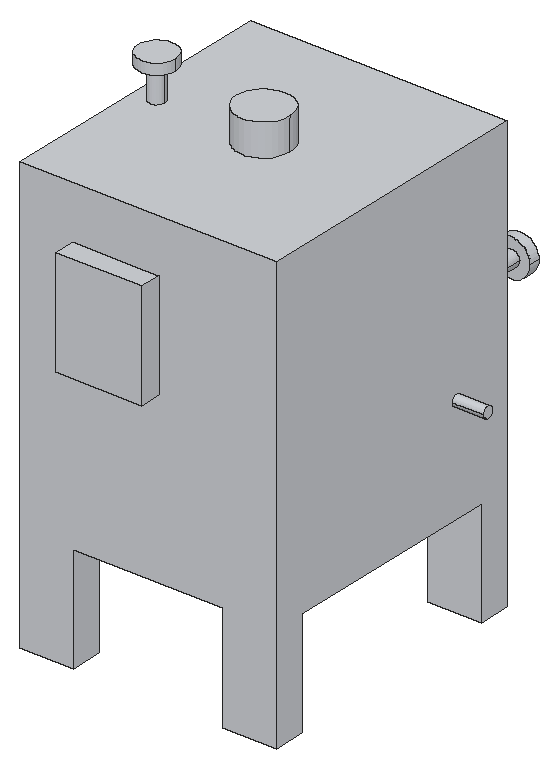
Revit family "9602cf199e164e63869811ea977eecce", category Mechanical Equipment, Revit 2021
Family settings
  Round Connector Dimension = Use Radius
  Part Type = Normal
  OmniClass Number = 23.75.10.11.14.34
  OmniClass Title = Steel Water-Tube Boilers
  Seek Item ID = Watertube Boiler - 150-2500 MBH-0000-USA-ENU
  Work Plane-Based = No
  Always vertical = Yes
  Cut with Voids When Loaded = No
  Shared = No
  Room Calculation Point = No
Parameters (values of type "150 MBH")
  Water Volume [instance] = 13.00 CF
  Water Pressure Drop [instance] = 0.26 psi
  Water Flow [instance] = 30 GPM
  Voltage = 120 V
  Vent Radius = 2 1/2"
  Vent Diameter = Vent Radius * 2  # 5"
  Pipe Length 2 = Pipe Length 1  # 0' - 2"
  Pipe Length 1 = 0' - 2"
  Pipe Height 1 = 2' - 3 1/4"
  Output Heat [instance] = 124500 Btu/h
  Number of Poles = 1
  Input Heat [instance] = 150000.0 Btu/h
  Hot Water Radius = Cold Water Radius  # 3/4"
  Hot Water Diameter = Hot Water Radius * 2  # 1 1/2"
  Heating Surface = 21.00 SF
  Gas Radius = 3/8"
  Gas Flow [instance] = 0 GPM
  Gas Diameter = Gas Radius * 2  # 3/4"
  Flange Hot Water Radius = Hot Water Radius + 0' 1"  # 0' - 1 3/4"
  Flange Cold Water Radius = Cold Water Radius + 0' 1"  # 0' - 1 3/4"
  Exhaust Air Flow [instance] = 0 CFM
  Default Elevation = 0' - 0"
  Cold Water Radius = 3/4"
  Cold Water Diameter = Cold Water Radius * 2  # 1 1/2"
  Boiler Width = 2' - 3"
  Boiler Material = none
  Boiler Length = 2' - 0"
  Boiler Height = 3' - 4 3/4"
  BHP [instance] = 3.7
  Apparent Load = 120 VA
Types (9): name | Water Volume | Water Pressure Drop | Water Flow | Vent Radius | Vent Diameter | Pipe Length 2 | Pipe Length 1 | Pipe Height 1 | Output Heat | Input Heat | Hot Water Radius | Hot Water Diameter | Heating Surface | Gas Radius | Gas Diameter | Flange Hot Water Radius | Flange Cold Water Radius | Cold Water Radius | Cold Water Diameter | Boiler Width | Boiler Length | Boiler Height | BHP
  (no name) | 13.00 CF | 0.26 psi | 30 GPM | 2 1/2" | 5" | 0' - 2" | 0' - 2" | 2' - 3 1/4" | 124500 Btu/h | 150000.0 Btu/h | 3/4" | 1 1/2" | 21.00 SF | 3/8" | 3/4" | 0' - 1 3/4" | 0' - 1 3/4" | 3/4" | 1 1/2" | 2' - 3" | 2' - 0" | 3' - 4 3/4" | 3.7
  150 MBH | 13.00 CF | 0.26 psi | 30 GPM | 2 1/2" | 5" | 0' - 2" | 0' - 2" | 2' - 3 1/4" | 124500 Btu/h | 150000.0 Btu/h | 3/4" | 1 1/2" | 21.00 SF | 3/8" | 3/4" | 0' - 1 3/4" | 0' - 1 3/4" | 3/4" | 1 1/2" | 2' - 3" | 2' - 0" | 3' - 4 3/4" | 3.7
  250 MBH | 16.00 CF | 0.40 psi | 40 GPM | 3 1/2" | 7" | 0' - 2" | 0' - 2" | 2' - 3 1/4" | 207500 Btu/h | 250000.0 Btu/h | 3/4" | 1 1/2" | 33.00 SF | 3/8" | 3/4" | 0' - 1 3/4" | 0' - 1 3/4" | 3/4" | 1 1/2" | 2' - 3" | 2' - 10" | 3' - 4 3/4" | 6.2
  350 MBH | 19.00 CF | 0.69 psi | 50 GPM | 4" | 8" | 0' - 2" | 0' - 2" | 2' - 3 1/4" | 290500 Btu/h | 350000.0 Btu/h | 3/4" | 1 1/2" | 46.00 SF | 3/8" | 3/4" | 0' - 1 3/4" | 0' - 1 3/4" | 3/4" | 1 1/2" | 2' - 3" | 3' - 8" | 3' - 4 3/4" | 8.7
  630 MBH | 40.00 CF | 1.04 psi | 60 GPM | 5" | 10" | 0' - 3" | 0' - 3" | 2' - 5" | 522900 Btu/h | 630000.0 Btu/h | 3/4" | 1 1/2" | 83.00 SF | 1/2" | 1" | 0' - 1 3/4" | 0' - 1 3/4" | 3/4" | 1 1/2" | 2' - 8" | 3' - 10 1/4" | 3' - 8 1/2" | 15.6
  840 MBH | 47.00 CF | 1.39 psi | 70 GPM | 6" | 12" | 0' - 3" | 0' - 3" | 2' - 5" | 697200 Btu/h | 840000.0 Btu/h | 3/4" | 1 1/2" | 111.00 SF | 1/2" | 1" | 0' - 1 3/4" | 0' - 1 3/4" | 3/4" | 1 1/2" | 2' - 8" | 4' - 10 1/4" | 3' - 8 1/2" | 20.8
  1050 MBH | 66.00 CF | 0.26 psi | 100 GPM | 7" | 14" | 0' - 3 1/4" | 0' - 3 1/4" | 2' - 6 1/4" | 871500 Btu/h | 1050000.0 Btu/h | 1 1/2" | 3" | 135.00 SF | 1/2" | 1" | 0' - 2 1/2" | 0' - 2 1/2" | 1 1/2" | 3" | 2' - 11 1/2" | 4' - 3 3/4" | 4' - 2 3/4" | 26
  1500 MBH | 81.00 CF | 0.65 psi | 150 GPM | 8" | 16" | 0' - 3 1/4" | 0' - 3 1/4" | 2' - 6 1/4" | 1245500 Btu/h | 1500000.0 Btu/h | 1 1/2" | 3" | 192.00 SF | 1/2" | 1" | 0' - 2 1/2" | 0' - 2 1/2" | 1 1/2" | 3" | 2' - 11 1/2" | 5' - 8 3/4" | 4' - 2 3/4" | 37.2
  2500 MBH | 135.00 CF | 1.08 psi | 200 GPM | 10" | 20" | 0' - 3 1/2" | 0' - 3 1/2" | 2' - 8 1/2" | 2075500 Btu/h | 2500000.0 Btu/h | 1 1/2" | 3" | 327.00 SF | 3/4" | 1 1/2" | 0' - 2 1/2" | 0' - 2 1/2" | 1 1/2" | 3" | 3' - 8 1/2" | 5' - 10 3/4" | 4' - 10 1/2" | 62
Reference planes (in)
  plane 1 "Center (Front/Back)": y = 0
  plane 2: z = 0
  plane 3 "Center (Left/Right)": x = 0
  plane 4: x = 24
  plane 5: y = 27
  plane 6: x = 2
  plane 7: x = 12
  plane 8: y = 13.5
  plane 9: x = 22
  plane 10: y = 30
  plane 11: y = 31
  plane 12: y = 21
  plane 13: x = 27
  plane 14: y = -2
  plane 15: x = 5
  plane 16: x = 13
  plane 17: z = 40.75
  plane 18: z = 10
  plane 19: x = 19
  plane 20: x = 5
  plane 21: z = 7
  plane 22: z = 20
  plane 23: z = 27.25
  plane 24: z = 43.75
  plane 25: z = 44.75
  plane 26: y = 8
  plane 27: x = 14
  plane 28: z = 35.75
  plane 29: z = 25.75
  plane 30: y = 24
  plane 31: y = 3
Forms (in)
  Extrusion 1, solid, material <- "Boiler Material"
    sketch origin (0, 0, 0) x (1, 0, 0) y (0, 1, 0)
      loop
        line (0, 27) -> (0, 0) -> (24, 0) -> (24, 27) -> (0, 27)
    from 10 to 40.75
  Extrusion 2, solid, material <- "Boiler Material"
    sketch origin (0, 0, 0) x (1, 0, 0) y (0, 1, 0)
      loop
        circle (2, 13.5) r 0.75
    from 40.75 to 43.75
  Extrusion 3, solid, material <- "Boiler Material"
    sketch origin (0, 0, 0) x (1, 0, 0) y (0, 1, 0)
      loop
        circle (12, 13.5) r 2.5
    from 40.75 to 43.75
  Extrusion 4, solid, material <- "Boiler Material"
    sketch origin (0, 0, 0) x (1, 0, 0) y (0, 1, 0)
      loop
        line (5, 0) -> (5, -2) -> (13, -2) -> (13, 0) -> (5, 0)
    from 25.75 to 35.75
  Extrusion 5, solid, material <- "Boiler Material"
    sketch origin (0, 0, 0) x (1, 0, 0) y (0, 1, 0)
      loop
        circle (2, 13.5) r 1.75
    from 43.75 to 44.75
  Extrusion 6, solid, material <- "Boiler Material"
    sketch origin (0, 0, 0) x (1, 0, 0) y (0, 0, 1)
      loop
        circle (22, 27.25) r 0.75
    from -30 to -27
  Extrusion 7, solid, material <- "Boiler Material"
    sketch origin (0, 0, 0) x (1, 0, 0) y (0, 0, 1)
      loop
        circle (22, 27.25) r 1.75
    from -31 to -30
  Extrusion 8, solid, material <- "Boiler Material"
    sketch origin (0, 0, 0) x (0, 1, 0) y (0, 0, 1)
      loop
        circle (21, 20) r 0.5
    from 24 to 27
  Extrusion 9, solid, material <- "Boiler Material"
    sketch origin (0, 0, 0) x (1, 0, 0) y (0, 1, 0)
      loop
        circle (14, 8) r 0.375
    from 7 to 10
  Extrusion 10, solid, material <- "Boiler Material"
    sketch origin (0, 0, 0) x (1, 0, 0) y (0, 0, 1)
      loop
        line (24, 10) -> (19, 10) -> (19, 0) -> (24, 0) -> (24, 10)
    from 0 to -3
  Extrusion 11, solid, material <- "Boiler Material"
    sketch origin (24, 0, 0) x (-1, 0, 0) y (0, 0, -1)
      loop
        line (24, -10) -> (24, 0) -> (19, 0) -> (19, -10) -> (24, -10)
    from 0 to -3
  Extrusion 12, solid, material <- "Boiler Material"
    sketch origin (0, 27, 0) x (1, 0, 0) y (0, 0, -1)
      loop
        line (24, -10) -> (24, 0) -> (19, 0) -> (19, -10) -> (24, -10)
    from 0 to -3
  Extrusion 13, solid, material <- "Boiler Material"
    sketch origin (24, 27, 0) x (-1, 0, 0) y (0, 0, 1)
      loop
        line (24, 10) -> (19, 10) -> (19, 0) -> (24, 0) -> (24, 10)
    from 0 to -3
  Extrusion 14, solid, material <- "Boiler Material", detail levels fine
    sketch origin (0, 0, 0) x (1, 0, 0) y (0, 0, 1)
      loop
        circle (22, 27.25) r 1.75
    from -31 to -30
  Extrusion 15, solid, material <- "Boiler Material", detail levels fine
    sketch origin (0, 0, 0) x (1, 0, 0) y (0, 0, 1)
      loop
        circle (22, 27.25) r 0.75
    from -30 to -27
  Extrusion 16, solid, material <- "Boiler Material", detail levels fine
    sketch origin (0, 0, 0) x (0, 1, 0) y (0, 0, 1)
      loop
        circle (21, 20) r 0.5
    from 24 to 27
Cuts and joins
  joined: Extrusion 1, Extrusion 2, Extrusion 3, Extrusion 4, Extrusion 5, Extrusion 10, Extrusion 11, Extrusion 12, Extrusion 13
Lines and regions (in)
  symbolic lines, detail levels coarse+medium
    curve 1: line (22, 27, 0) -> (22, 31, 0)
    curve 2: line (24, 21, 0) -> (27, 21, 0)
  symbolic lines, detail levels fine
    curve 3: line (20.25, 30, 0) -> (20.25, 31, 0)
    curve 4: line (23.75, 30, 0) -> (20.25, 30, 0)
    curve 5: line (23.75, 31, 0) -> (23.75, 30, 0)
    curve 6: line (22.75, 30, 0) -> (22.75, 27, 0)
    curve 7: line (21.25, 30, 0) -> (21.25, 27, 0)
    curve 8: line (27, 20.5, 0) -> (27, 21.5, 0)
    curve 9: line (24, 21.5, 0) -> (27, 21.5, 0)
    curve 10: line (24, 20.5, 0) -> (27, 20.5, 0)
    curve 11: line (0, 27, 0) -> (0, 0, 0)
    curve 12: line (24, 0, 0) -> (24, 27, 0)
    curve 13: line (0, 0, 0) -> (24, 0, 0)
    curve 14: line (13, -2, 0) -> (13, 0, 0)
    curve 15: line (5, -2, 0) -> (13, -2, 0)
    curve 16: line (5, 0, 0) -> (5, -2, 0)
    curve 17: circle (2, 13.5, 0) r 1.75 normal (0, 0, 1)
    curve 18: circle (12, 13.5, 0) r 2.5 normal (0, 0, 1)
Dimensions and locks (in)
  equal spacing: plane 3 "Center (Left/Right)", plane 7, plane 4
  "Boiler Length": plane 3 "Center (Left/Right)" to plane 4
  equal spacing: plane 1 "Center (Front/Back)", plane 8, plane 5
  "Boiler Width": plane 1 "Center (Front/Back)" to plane 5
  "Pipe Length 2": plane 3 "Center (Left/Right)" to plane 6
  "Pipe Length 1": plane 9 to plane 4
  locked: plane 5 to plane 10 at 3
  locked: plane 10 to plane 11 at 1
  locked: plane 12 to plane 5 at 6
  locked: plane 4 to plane 13 at 3
  locked: plane 14 to plane 1 "Center (Front/Back)" at 2
  locked: plane 3 "Center (Left/Right)" to plane 15 at 5
  locked: plane 15 to plane 16 at 8
  "Boiler Height": plane 2 to plane 17
  locked: plane 2 to plane 18 at 10
  locked: plane 4 to plane 19 at 5
  locked: plane 20 to plane 3 "Center (Left/Right)" at 5
  locked: plane 21 to plane 18 at 3
  locked: plane 2 to plane 22 at 20
  "Pipe Height 1": plane 2 to plane 23
  locked: plane 17 to plane 24 at 3
  locked: plane 24 to plane 25 at 1
  locked: plane 1 "Center (Front/Back)" to plane 26 at 8
  locked: plane 17 to plane 28 at 5
  locked: plane 28 to plane 29 at 10
  locked: plane 27 to plane 4 at 10
  equal spacing: curve 3, plane 9, curve 5
  "Flange Cold Water Radius": plane 9 to curve 5
  equal spacing: curve 7, plane 9, curve 6
  "Cold Water Radius": plane 9 to curve 6
  locked: curve 10 to curve 9 at 1
  locked: plane 30 to plane 5 at 3
  locked: plane 1 "Center (Front/Back)" to plane 31 at 3
  "Hot Water Radius": radius of Extrusion 2 sketch curve
  "Vent Radius": radius of Extrusion 3 sketch curve
  "Flange Hot Water Radius": radius of Extrusion 5 sketch curve
  "Cold Water Radius": radius of Extrusion 6 sketch curve
  "Flange Cold Water Radius": radius of Extrusion 7 sketch curve
  "Gas Radius": radius of Extrusion 9 sketch curve
  "Flange Hot Water Radius": radius of curve 17
  "Vent Radius": radius of curve 18
  "Flange Cold Water Radius": radius of Extrusion 14 sketch curve
  "Cold Water Radius": radius of Extrusion 15 sketch curve
  radius of Extrusion 16 sketch curve = 0' - 0 1/2"
  aligned and locked: Extrusion 1 to plane 5
  aligned and locked: plane 4 to Extrusion 1  (x3)
  aligned and locked: plane 1 "Center (Front/Back)" to Extrusion 1
  aligned and locked: Extrusion 1 to plane 3 "Center (Left/Right)"  (x2)
  aligned and locked: plane 8 to Extrusion 2 sketch curve
  aligned and locked: plane 6 to Extrusion 2 sketch curve
  aligned and locked: plane 7 to Extrusion 3 sketch curve
  aligned and locked: plane 8 to Extrusion 3 sketch curve
  aligned and locked: Extrusion 4 to plane 1 "Center (Front/Back)"
  aligned and locked: plane 16 to Extrusion 4
  aligned and locked: plane 14 to Extrusion 4
  aligned and locked: Extrusion 4 to plane 15
  aligned and locked: plane 17 to Extrusion 1
  aligned and locked: Extrusion 1 to plane 18
  aligned and locked: plane 24 to Extrusion 3
  aligned and locked: Extrusion 3 to plane 17
  aligned and locked: plane 24 to Extrusion 2
  aligned and locked: Extrusion 2 to plane 17
  aligned and locked: plane 6 to Extrusion 5 sketch curve
  aligned and locked: plane 8 to Extrusion 5 sketch curve
  aligned and locked: plane 25 to Extrusion 5
  aligned and locked: Extrusion 5 to plane 24
  aligned and locked: plane 9 to Extrusion 6 sketch curve
  aligned and locked: plane 23 to Extrusion 6 sketch curve
  aligned and locked: plane 9 to Extrusion 7 sketch curve
  aligned and locked: plane 23 to Extrusion 7 sketch curve
  aligned and locked: Extrusion 6 to plane 10
  aligned and locked: plane 5 to Extrusion 6
  aligned and locked: plane 10 to Extrusion 7
  aligned and locked: Extrusion 7 to plane 11
  aligned and locked: plane 13 to Extrusion 8
  aligned and locked: Extrusion 8 to plane 4
  aligned and locked: plane 26 to Extrusion 9 sketch curve
  aligned and locked: plane 27 to Extrusion 9 sketch curve
  aligned and locked: plane 18 to Extrusion 9
  aligned and locked: Extrusion 9 to plane 21
  aligned and locked: plane 28 to Extrusion 4
  aligned and locked: Extrusion 4 to plane 29
  aligned and locked: Extrusion 4 to plane 20
  aligned and locked: Extrusion 10 to plane 19  (x2)
  aligned and locked: plane 4 to Extrusion 10  (x2)
  aligned and locked: Extrusion 10 to plane 2  (x2)
  aligned and locked: plane 18 to Extrusion 10  (x2)
  aligned and locked: Extrusion 10 to plane 1 "Center (Front/Back)"
  aligned and locked: plane 19 to Extrusion 10
  aligned and locked: plane 20 to Extrusion 11
  aligned and locked: plane 1 "Center (Front/Back)" to Extrusion 11
  aligned and locked: Extrusion 11 to plane 3 "Center (Left/Right)"  (x2)
  aligned and locked: plane 18 to Extrusion 11
  aligned and locked: plane 20 to Extrusion 13
  aligned and locked: Extrusion 12 to plane 19  (x2)
  aligned and locked: Extrusion 13 to plane 5
  aligned and locked: Extrusion 12 to plane 5
  aligned and locked: plane 19 to Extrusion 12
  aligned and locked: Extrusion 13 to plane 3 "Center (Left/Right)"  (x2)
  aligned and locked: Extrusion 13 to plane 2
  aligned and locked: plane 18 to Extrusion 13
  aligned and locked: plane 18 to Extrusion 12
  aligned and locked: plane 4 to Extrusion 12
  aligned and locked: Extrusion 12 to plane 2
  aligned and locked: plane 9 to curve 1
  aligned and locked: plane 12 to curve 2
  aligned and locked: curve 4 to plane 10
  aligned and locked: Extrusion 8 to curve 8
  aligned and locked: plane 12 to Extrusion 8 sketch curve
  aligned and locked: plane 22 to Extrusion 8 sketch curve
  aligned and locked: curve 11 to Extrusion 1
  aligned and locked: curve 12 to Extrusion 1
  aligned and locked: curve 13 to Extrusion 1
  aligned and locked: curve 15 to Extrusion 4
  aligned and locked: curve 16 to Extrusion 4
  aligned and locked: plane 8 to curve 17
  aligned and locked: plane 6 to curve 17
  aligned and locked: plane 7 to curve 18
  aligned and locked: plane 8 to curve 18
  aligned and locked: plane 30 to Extrusion 12
  aligned and locked: plane 30 to Extrusion 13
  aligned and locked: Extrusion 10 to plane 31
  aligned and locked: Extrusion 11 to plane 31
  aligned and locked: plane 9 to Extrusion 14 sketch curve
  aligned and locked: plane 23 to Extrusion 14 sketch curve
  aligned and locked: plane 9 to Extrusion 15 sketch curve
  aligned and locked: plane 23 to Extrusion 15 sketch curve
  aligned and locked: Extrusion 14 to plane 11
  aligned and locked: plane 10 to Extrusion 14
  aligned and locked: plane 5 to Extrusion 15
  aligned and locked: Extrusion 15 to plane 10
  aligned and locked: plane 12 to Extrusion 16 sketch curve
  aligned and locked: plane 22 to Extrusion 16 sketch curve
  aligned and locked: plane 13 to Extrusion 16
  aligned and locked: Extrusion 16 to plane 4
Automatic sketch dimensions
  Extrusion 1 sketch curve to plane 1 "Center (Front/Back)" = 0' - 0"
  Extrusion 1 sketch curve to plane 3 "Center (Left/Right)" = 0' - 0"
  Extrusion 1 sketch curve to plane 4 = 0' - 0"
  Extrusion 1 sketch curve to plane 5 = 0' - 0"
  Extrusion 4 sketch curve to plane 14 = 0' - 0"
  Extrusion 4 sketch curve to plane 15 = 0' - 0"
  Extrusion 4 sketch curve to plane 16 = 0' - 0"
  Extrusion 4 sketch curve to plane 1 "Center (Front/Back)" = 0' - 0"
  Extrusion 10 sketch curve to plane 18 = 0' - 0"
  Extrusion 10 sketch curve to plane 19 = 0' - 0"
  Extrusion 10 sketch curve to level = 0' - 0"
  Extrusion 10 sketch curve to plane 4 = 0' - 0"
  Extrusion 11 sketch curve to plane 15 = 0' - 0"
  Extrusion 11 sketch curve to level = 0' - 0"
  Extrusion 11 sketch curve to plane 3 "Center (Left/Right)" = 0' - 0"
  Extrusion 11 sketch curve to plane 18 = 0' - 0"
  Extrusion 12 sketch curve to plane 18 = 0' - 0"
  Extrusion 12 sketch curve to plane 19 = 0' - 0"
  Extrusion 12 sketch curve to level = 0' - 0"
  Extrusion 12 sketch curve to plane 4 = 0' - 0"
  Extrusion 13 sketch curve to plane 15 = 0' - 0"
  Extrusion 13 sketch curve to level = 0' - 0"
  Extrusion 13 sketch curve to plane 3 "Center (Left/Right)" = 0' - 0"
  Extrusion 13 sketch curve to plane 18 = 0' - 0"
  Extrusion 8 sketch curve to plane 12 = 0' - 0"
  curve 14 to plane 16 = 0' - 0"
  plane 12 to curve 10 = 0' - 0 1/2"
  curve 7 to plane 5 = 0' - 0"
  curve 1 to plane 5 = 0' - 0"
  curve 11 to plane 5 = 0' - 0"
  curve 6 to plane 5 = 0' - 0"
  curve 12 to plane 5 = 0' - 0"
  curve 1 to plane 11 = 0' - 0"
  curve 5 to plane 11 = 0' - 0"
  curve 3 to plane 11 = 0' - 0"
  radius of Extrusion 8 sketch curve = 0' - 0 1/2"
Connectors (in)
  piping at (2, 13.5, 44.75), diameter 1.5, driven by "Hot Water Radius", driven by "Water Flow", driven by "Water Pressure Drop"
    settings: on Extrusion 5, index 1, connector inside diameter 1 1/2", connector length 0' - 0", flow factor 0, pipe flow 30 GPM, pressure drop 0.26 psi, fitting loss kfactor 0, connector angle 0.00°, fixture units 0, engagement length 0' - 0", angle of deflection 0.00°, flow configuration 0, flow direction 2, fitting loss method 4, system type 7, joint type 0, gender type 0, connector reference index 2, connector utility 0, adjustable connector no, is connector primary yes, connector description "Hot Water Out"
  piping at (22, 31, 27.25), diameter 1.5, driven by "Cold Water Radius", driven by "Water Flow"
    settings: on Extrusion 7, index 2, connector inside diameter 1 1/2", connector length 0' - 0", flow factor 0, pipe flow 30 GPM, pressure drop 0.00 psi, fitting loss kfactor 0, connector angle 0.00°, fixture units 0, engagement length 0' - 0", angle of deflection 0.00°, flow configuration 0, flow direction 1, fitting loss method 0, system type 8, joint type 0, gender type 0, connector reference index 1, connector utility 0, adjustable connector no, is connector primary no, connector description "Cold Water In"
  piping at (14, 8, 7), diameter 0.75, driven by "Gas Radius", driven by "Gas Flow"
    settings: on Extrusion 9, index 3, connector inside diameter 3/4", connector length 0' - 0", flow factor 0, pipe flow 0 GPM, pressure drop 0.00 psi, fitting loss kfactor 0, connector angle 0.00°, fixture units 0, engagement length 0' - 0", angle of deflection 0.00°, flow configuration 1, flow direction 1, fitting loss method 4, system type 7, joint type 0, gender type 0, connector reference index -1, connector utility 0, adjustable connector no, is connector primary no, connector description "Gas In"
  hvac at (12, 13.5, 43.75), driven by "Vent Radius", driven by "Exhaust Air Flow"
    settings: on Extrusion 3, index 4, duct flow 0 CFM, flow factor 0, pres drop 0.00 in-wg, loss coef 0, conn angle 0.00°, conn width 12", conn height 12", conn diameter 5", duct sys type 3, conn prof type 0, flow config 1, flow direction 2, loss method 4, conn ref index -1, conn util no, is conn primary yes, conn desc ""
  piping at (27, 21, 20), diameter 1
    settings: on Extrusion 8, index 5, connector inside diameter 1", connector length 0' - 0", flow factor 0, pipe flow 0 GPM, pressure drop 0.00 psi, fitting loss kfactor 0, connector angle 0.00°, fixture units 0, engagement length 0' - 0", angle of deflection 0.00°, flow configuration 1, flow direction 2, fitting loss method 0, system type 16, joint type 0, gender type 0, connector reference index -1, connector utility 0, adjustable connector yes, is connector primary no, connector description "Drain Out"
  electrical at (9, -2, 30.75)
    settings: on Extrusion 4, index 6, voltage 0 V, apparent load 0 VA, apparent load phase1 0 VA, apparent load phase2 0 VA, apparent load phase3 0 VA, power factor 1, load classification "Other", number of poles 1, system type 13, power factor state 1, is connector primary yes, connector utility no, sub classification motor no, connector description ""
